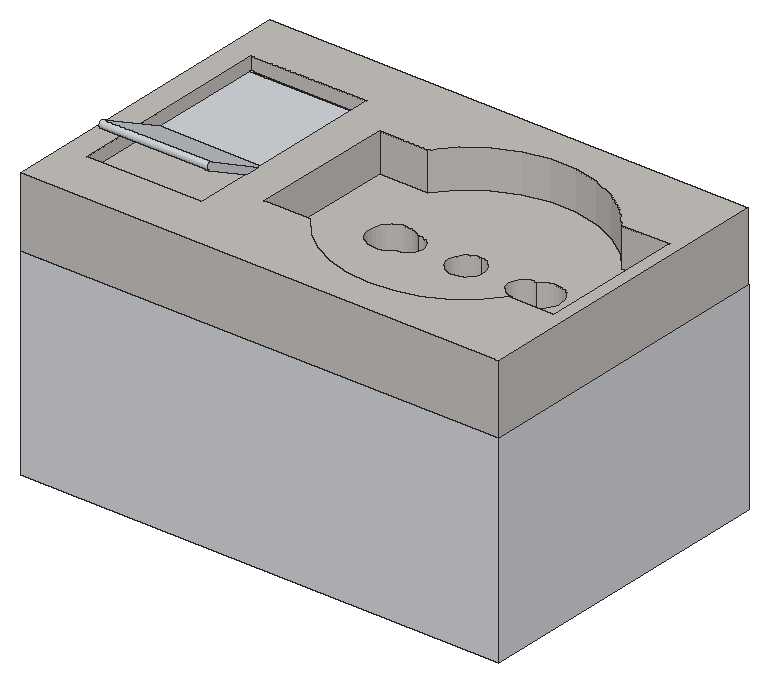
Revit family "Domotics-DomesticRanges-GEWISS-CHORUS_POWER-SOCKET-OUTLET_ITADEU_MCB", category Apparecchi elettrici, host Superficie, Revit 2016
Family settings
  Host = Superficie
  Mantenere orientamento annotazione = Sì
  Tipo di parte = Normale
  Quota connettore circolare = Usa diametro
  Taglio con vuoti quando caricato = Sì
  Condiviso = Sì
  Punto di calcolo locali = Sì
Parameters (values of type "GW14312 - INT SOC+MIN.CIR.BR. 3M 1P+N 16A P30/17 T")
  Wiring terminals = "With screw"
  Voltage: = "230V ac"
  Version file RFA = "19.0"
  VISIBILITA' SIMBOLO [instance] = yes
  VISIBILITA' BORDO [instance] = yes
  URL = "https://www.gewiss.com/ww/en"
  Type: = "Interlocked"
  Thermo-pressure with ball = "125 °C"
  Terminal tightening capacity rigid cables (mm2) = "min. 0,5 - max. 2x2,5"
  Terminal tightening capacity flexible cables (mm2) = "min. 0,75 - max. 2x4"
  Terminal grip on cable traction = "&gt; 50 N"
  Technical sheet = "https://www.gewiss.com/ww/en/search?q=GW14312"
  Standard; = "IEC 60884-1, EN 60898-1"
  Standard: = "English"
  Spostamento_x [instance] = 2476 mm
  Spostamento_effettivo x [instance] = 4000 mm - Spostamento_x  # 1524 mm
  Socket-out type = "P40"
  SEO = "Socket outlet"
  Resistance at test voltage = "2000 V at 50 Hz for 1 minute"
  Realized by GEWISS S.p.A. = ""
  Protection = "MCB"
  Default Elevation = 1219.2 mm
  Prolonged operation (no.of position changes) = "10.000 at In 250 V ac cosØ=0,8"
  Produttore = "GEWISS S.p.A."
  Ofset presa [instance] = 0 mm
  Ofset bidimensionale [instance] = 2 mm
  No. Chorus modules: = "3"
  Modello = "GW14312"
  Miniature circuit breakers = "1P+N 16A"
  Insulation resistance = "&gt; 5 MOhm"
  IDT = "c0f1ce1c-7510-4d6c-9ac7-cd1d51b28dbd"
  IDF = "8d85ce39-4435-492d-9950-3dd5c766db5d"
  Glow Wire Test = "850°C"
  Fronte presa = Titanio
  Electrocod = "0131                "
  EAN code = "8011564279261"
  Descrizione = "INT SOC+MIN.CIR.BR. 3M 1P+N 16A P30/17 T"
  Description: = "2P+E - 16A"
  Description. = "Dual amperage interlocked socket-outlet"
  Corpo presa = none
  Colour = "Titanium"
  Category = "Dual amperage interlocked socket-outlet"
  Catalogue Range = "CHORUS - DOMESTIC RANGE"
  Catalogue = "DOMOTICS"
  COBie.Tagnumber = ""
  COBie.CreatedOn = ""
  COBie.CreatebBy = ""
  COBie.ComponentRegisterItemID = ""
  COBie.Component.TagNumber = ""
  COBie.Component.Space = ""
  COBie.Component.SerialNumber = ""
  COBie.Component.InstallationDate = ""
  COBie.Component.Description = ""
  COBie.Component.BarCode = ""
  Breaking capacity: = "1.25 In (100 position changes)"
  Breaking capacity = "3KA"
Types (3, lengths in mm): name | Technical sheet | Standard; | Modello | IDT | Fronte presa | EAN code | Descrizione | Colour
  GW10312 - INT S.O. 3M 2P+E 16A P30/17-MCB 1P+N  W | "https://www.gewiss.com/ww/en/search?q=GW10312" | "IEC 60884-1; EN 60898-1" | "GW10312" | "6ecaaf36-0b0d-4b54-a890-9c885efce281" | Bianco | "8011564262454" | "INT S.O. 3M 2P+E 16A P30/17-MCB 1P+N  W" | "White"
  GW12312 - INT SOC+MIN.C.BR. 3M 1P+N 16A P30/17 B | "https://www.gewiss.com/ww/en/search?q=GW12312" | "IEC 60884-1; EN 60898-1" | "GW12312" | "2d7f8111-d215-4eed-a4a9-4e0b819370a2" | Nero | "8011564267336" | "INT SOC+MIN.C.BR. 3M 1P+N 16A P30/17 B" | "Black"
  GW14312 - INT SOC+MIN.CIR.BR. 3M 1P+N 16A P30/17 T | "https://www.gewiss.com/ww/en/search?q=GW14312" | "IEC 60884-1, EN 60898-1" | "GW14312" | "c0f1ce1c-7510-4d6c-9ac7-cd1d51b28dbd" | Titanio | "8011564279261" | "INT SOC+MIN.CIR.BR. 3M 1P+N 16A P30/17 T" | "Titanium"
Reference planes
  plane 1 "Centro (Fronte/Retro)": y = 0
  plane 2: z = 0
  plane 3 "Centro (Sinistra/Destra)": x = 0
  plane 4: x = -1524
  plane 5: x = 0
  plane 6: z = 0
  plane 7 "2d": z = 41
  plane 8: z = 39
Lines and regions (mm)
  Masking region 1, detail levels coarse
    outline origin (0, 0, 0) x (1, 0, 0) y (0, 0, 1)
      loop
        line (-34.5, 39) -> (-34.5, 0) -> (34.5, 0) -> (34.5, 39) -> (-34.5, 39)
  Masking region 2, detail levels coarse
    outline origin (0, 0, 0) x (0, 1, 0) y (0, 0, 1)
      loop
        line (-22.5, 39) -> (-22.5, 0) -> (22.5, 0) -> (22.5, 39) -> (-22.5, 39)
Dimensions and locks
  plane 4 to plane 3 "Centro (Sinistra/Destra)" = 1524 mm
  "Spostamento_effettivo x": plane 4 to plane 5
  "Ofset bidimensionale": plane 7 "2d" to plane 8
  "Ofset presa": plane 6 to plane 2
  locked: plane 8 to plane 6 at 39
  aligned and locked: plane 2 to host face
  aligned and locked: level to host face
  aligned and locked: plane 3 "Centro (Sinistra/Destra)" to nested 1
  aligned and locked: plane 1 "Centro (Fronte/Retro)" to nested 1
  aligned and locked: nested 1 to plane 6
  aligned and locked: plane 5 to nested 2
  aligned and locked: plane 8 to nested 1
  aligned and locked: plane 7 "2d" to nested 3
  aligned and locked: Masking region 1 sketch curve to nested 1  (x2)
  aligned and locked: Masking region 1 sketch curve to plane 6
  aligned and locked: Masking region 1 sketch curve to plane 8
Automatic sketch dimensions
  host sketch curve to host sketch curve = 2438.4 mm  (x2)
  plane 1 "Centro (Fronte/Retro)" to Masking region 2 sketch curve = 22.5 mm
  Masking region 2 sketch curve to plane 1 "Centro (Fronte/Retro)" = 22.5 mm
  Masking region 2 sketch curve to plane 8 = 0 mm
  Masking region 2 sketch curve to plane 6 = 0 mm
Nested families
  nested 1: "ITAGER_ChORUS PRESA ITA IB MAGNETOT" at (0, 0, 0), type "ITAGER_ChORUS PRESA ITA IB MAGNETOT", detail levels medium+fine
  nested 2: "16" at (0, 129.09, 0), type "16"
  nested 3: "ITAGER2D" at (-2.25, -22.5, 41), type "ITAGER2D", detail levels coarse
Definition of nested family "ITAGER_ChORUS PRESA ITA IB MAGNETOT"
  Parameters (values of type "ITAGER_ChORUS PRESA ITA IB MAGNETOT")
    corpo = none
    L = 69 mm
    H = 45 mm
    Fronte = none
  Reference planes
    plane 1 "Centro (Fronte/Retro)": y = 0
    plane 2: z = 0
    plane 3 "Centro (Sinistra/Destra)": x = 0
    plane 4: x = -34.5
    plane 5: y = -22.5
    plane 6: x = 34.5
    plane 7: y = 22.5
    plane 8: z = 29
    plane 9: z = 39
    plane 10: x = 25.486
    plane 11: x = -31.063
    plane 12: z = 33.442
    plane 13: y = 14.84
    plane 14: y = -14.84
    plane 15: y = -13.84
    plane 16: y = 13.84
    plane 17: x = -30.063
    plane 18: z = 36.97
    plane 19: y = -9.771
    plane 20: x = 13.621
    plane 21: y = -19.154
    plane 22: z = 40
  Forms (mm)
    Extrusion 1, solid, material <- "corpo"
      sketch origin (0, 0, 0) x (1, 0, 0) y (0, 0, 1)
        loop
          line (-34.5, 0) -> (34.5, 0) -> (34.5, 29) -> (-34.5, 29) -> (-34.5, 0)
      from -22.5 to 22.5
    Extrusion 2, solid, material <- "Fronte"
      sketch origin (0, 0, 0) x (1, 0, 0) y (0, 0, 1)
        loop
          line (-34.5, 29) -> (34.5, 29) -> (34.5, 39) -> (-34.5, 39) -> (-34.5, 29)
      from -22.5 to 22.5
    Extrusion 3, void
      sketch origin (11.74, -25.337, 0) x (-0.001383, 0.999999, 0) y (-0.999999, -0.001383, 0)
        loop
          arc (27.333, 8.345) -> (25.014, 13.558) -> (22.984, 8.226) r 3.086
          arc (22.984, 8.226) -> (25.223, 5.935) -> (27.333, 8.345) r 2.182
        loop
          circle (25.22, -0.216) r 2.568
        loop
          arc (22.96, -8.64) -> (24.976, -13.978) -> (27.309, -8.771) r 3.086
          arc (27.309, -8.771) -> (25.206, -6.355) -> (22.96, -8.64) r 2.182
      from 29 to 39
    Extrusion 4, void
      sketch origin (0, 0, 0) x (1, 0, 0) y (0, 1, 0)
        loop
          line (-31.063, -14.84) -> (-14.447, -14.84) -> (-14.447, 14.84) -> (-31.063, 14.84) -> (-31.063, -14.84)
      from 36.97 to 39
    Extrusion 5, solid
      sketch origin (0, 0, 0) x (0, 1, 0) y (0, 0, 1)
        loop
          line (-13.561, 42.472) -> (-3.044, 36.97) -> (13.277, 36.97)
          arc (13.277, 36.97) -> (13.777, 37.47) -> (13.277, 37.97) r 0.5
          line (13.277, 37.97) -> (-2.798, 37.97) -> (-13.097, 43.358)
          arc (-13.097, 43.358) -> (-13.772, 43.147) -> (-13.561, 42.472) r 0.5
      from -30.063 to -14.447
    Extrusion 6, void
      sketch origin (0, 0, 0) x (1, 0, 0) y (0, 1, 0)
        loop
          line (32.829, 10.401) -> (25.893, 10.401)
          arc (25.893, 10.401) -> (11.916, 17.423) -> (-2.061, 10.401) r 17.421
          line (-2.061, 10.401) -> (-8.998, 10.401) -> (-8.998, -10.396) -> (-2.48, -10.396)
          arc (-2.48, -10.396) -> (11.916, -17.755) -> (26.311, -10.396) r 17.758
          line (26.311, -10.396) -> (32.829, -10.396) -> (32.829, 10.401)
      from 33.442 to 39
  Cuts and joins
    Extrusion 3, Extrusion 4, Extrusion 6 cuts Extrusion 1
    Extrusion 3, Extrusion 4, Extrusion 6 cuts Extrusion 2
  Dimensions and locks
    equal spacing: plane 7, plane 1 "Centro (Fronte/Retro)", plane 5
    equal spacing: plane 4, plane 3 "Centro (Sinistra/Destra)", plane 6
    locked: plane 8 to plane 2 at 29
    locked: plane 9 to plane 8 at 10
    "L": plane 4 to plane 6
    "H": plane 7 to plane 5
    locked: plane 10 to plane 6 at 9.014
    locked: plane 4 to plane 11 at 3.437
    locked: plane 9 to plane 12 at 5.558
    equal spacing: plane 14, plane 1 "Centro (Fronte/Retro)", plane 13
    plane 14 to plane 13 = 29.68 mm
    locked: plane 16 to plane 13 at 1
    locked: plane 14 to plane 15 at 1
    locked: plane 11 to plane 17 at 1
    locked: plane 18 to plane 9 at 2.03
    locked: plane 21 to plane 5 at 3.346
    locked: plane 21 to plane 19 at 9.383
    locked: plane 22 to plane 9 at 1
    aligned and locked: level to plane 2
    aligned and locked: Extrusion 1 sketch curve to plane 4
    aligned and locked: Extrusion 1 sketch curve to plane 6
    aligned and locked: Extrusion 1 sketch curve to plane 8
    aligned and locked: Extrusion 1 sketch curve to plane 2
    aligned and locked: Extrusion 2 sketch curve to plane 8
    aligned and locked: Extrusion 2 sketch curve to plane 9
    aligned and locked: Extrusion 2 sketch curve to plane 4
    aligned and locked: Extrusion 2 sketch curve to plane 6
    aligned and locked: plane 7 to Extrusion 2
    aligned and locked: Extrusion 2 to plane 5
    aligned and locked: Extrusion 1 to plane 5
    aligned and locked: Extrusion 2 to plane 7
    aligned and locked: plane 7 to Extrusion 1
    aligned and locked: plane 9 to Extrusion 3
    aligned and locked: Extrusion 4 sketch curve to plane 11
    aligned and locked: Extrusion 4 sketch curve to plane 14
    aligned and locked: Extrusion 4 sketch curve to plane 13
    aligned and locked: plane 9 to Extrusion 4
    aligned and locked: plane 17 to Extrusion 5
    aligned and locked: plane 9 to Extrusion 6
    aligned and locked: Extrusion 3 to plane 8
  Automatic sketch dimensions
    Extrusion 4 sketch curve to plane 3 "Centro (Sinistra/Destra)" = 14.447 mm
    plane 18 to Extrusion 5 sketch curve = 0 mm
    Extrusion 5 sketch curve to plane 15 = 0.279 mm
    Extrusion 5 sketch curve to Extrusion 5 sketch curve = 0.232 mm  (x2)
    plane 1 "Centro (Fronte/Retro)" to Extrusion 5 sketch curve = 3.044 mm
    Extrusion 5 sketch curve to Extrusion 5 sketch curve = 0.246 mm
    plane 16 to Extrusion 5 sketch curve = 0.563 mm
    Extrusion 5 sketch curve to Extrusion 5 sketch curve = 0.5 mm
    plane 22 to Extrusion 5 sketch curve = 2.472 mm
    Extrusion 5 sketch curve to Extrusion 5 sketch curve = 0.443 mm
    Extrusion 6 sketch curve to plane 3 "Centro (Sinistra/Destra)" = 2.061 mm
    Extrusion 6 sketch curve to Extrusion 6 sketch curve = 6.937 mm
    Extrusion 6 sketch curve to plane 19 = 0.625 mm  (x2)
    plane 6 to Extrusion 6 sketch curve = 1.671 mm
    plane 10 to Extrusion 6 sketch curve = 0.406 mm
    Extrusion 6 sketch curve to Extrusion 6 sketch curve = 0 mm  (x2)
    plane 16 to Extrusion 6 sketch curve = 3.439 mm
Definition of nested family "16"
  Parameters (values of type "16")
    simbolo = yes
    Bordo = yes
  Reference planes
    plane 1: y = 0
    plane 2: x = 0
  Lines and regions (mm)
    detail lines, visible <- "Bordo"
      curve 1: line (1.146, 2.031, 0) -> (-1.146, 2.031, 0)
      curve 2: line (-1.146, 2.031, 0) -> (-1.146, 5.156, 0)
      curve 3: line (-1.146, 5.156, 0) -> (1.146, 5.156, 0)
      curve 4: line (1.146, 5.156, 0) -> (1.146, 2.031, 0)
    detail lines, visible <- "simbolo"
      curve 5: line (0.938, 3.594, 0) -> (-0.937, 3.594, 0)
      curve 6: line (0, 3.594, 0) -> (0, 2.656, 0)
      curve 7: line (0, 3.594, 0) -> (-0.402, 2.656, 0)
      curve 8: line (-0.402, 2.656, 0) -> (-0.716, 2.791, 0)
      curve 9: line (0, 3.217, 0) -> (-0.118, 3.099, 0)
      curve 10: line (0, 3.287, 0) -> (-0.188, 3.099, 0)
      curve 11: line (0, 3.356, 0) -> (-0.178, 3.178, 0)
      curve 12: line (0, 3.426, 0) -> (-0.126, 3.3, 0)
      curve 13: line (0, 3.099, 0) -> (-0.212, 3.099, 0)
      curve 14: line (-0.251, 3.009, 0) -> (-0.565, 3.144, 0)
      curve 15: arc (-0.937, 4.531, 0) -> (-0.663, 3.868, 0) -> (0, 3.594, 0) r 0.937
      curve 16: arc (0.937, 4.531, 0) -> (0.663, 3.868, 0) -> (0, 3.594, 0) r 0.937
  Text (mm)
    text "10/16" at (-0.689, 4.576, 0), visible <- "simbolo"
  Dimensions and locks
    curve 1 to plane 1 = 2.031 mm
Definition of nested family "ITAGER2D"
  Reference planes
    plane 1 "Centro (Fronte/Retro)": y = 0
    plane 2: z = 0
    plane 3 "Centro (Sinistra/Destra)": x = 0
  Lines and regions (mm)
    model lines
      curve 1: circle (-24.136, 3.661, 0) r 2.191 normal (0, 0, 1)
      curve 2: arc (5.216, 24.484, 0) -> (0.007, 22.158, 0) -> (5.342, 20.135, 0) r 3.086
      curve 3: arc (5.342, 20.135, 0) -> (7.629, 22.377, 0) -> (5.216, 24.484, 0) r 2.182
      curve 4: circle (13.78, 22.383, 0) r 2.568 normal (0, 0, 1)
      curve 5: arc (22.207, 20.135, 0) -> (27.542, 22.158, 0) -> (22.333, 24.484, 0) r 3.086
      curve 6: arc (22.333, 24.484, 0) -> (19.919, 22.377, 0) -> (22.207, 20.135, 0) r 2.182
      curve 7: arc (27.751, 32.901, 0) -> (13.774, 39.923, 0) -> (-0.202, 32.901, 0) r 17.421
      curve 8: arc (-0.621, 12.104, 0) -> (13.774, 4.745, 0) -> (28.17, 12.104, 0) r 17.758
      curve 9: line (-21.575, 40.858, 0) -> (-21.575, 37.034, 0)
      curve 10: line (-21.575, 11.126, 0) -> (-16.222, 11.126, 0)
      curve 11: line (-16.222, 11.126, 0) -> (-14.596, 11.509, 0)
      curve 12: line (-14.596, 11.509, 0) -> (-13.64, 12.273, 0)
      curve 13: line (-13.64, 12.273, 0) -> (-13.162, 13.229, 0)
      curve 14: line (-13.162, 13.229, 0) -> (-12.589, 22.503, 0)
      curve 15: line (-12.589, 22.503, 0) -> (-12.589, 9.597, 0)
      curve 16: line (-12.589, 9.597, 0) -> (-21.575, 9.597, 0)
      curve 17: line (-21.575, 9.597, 0) -> (-30.562, 9.597, 0)
      curve 18: line (-30.562, 9.597, 0) -> (-30.562, 22.503, 0)
      curve 19: line (-30.562, 22.503, 0) -> (-12.589, 22.503, 0)
      curve 20: line (-12.589, 22.503, 0) -> (-12.589, 35.409, 0)
      curve 21: line (-12.589, 35.409, 0) -> (-21.575, 35.409, 0)
      curve 22: line (-21.575, 35.409, 0) -> (-30.562, 35.409, 0)
      curve 23: line (-30.562, 35.409, 0) -> (-30.562, 22.503, 0)
      curve 24: line (-30.562, 22.503, 0) -> (-29.988, 13.229, 0)
      curve 25: line (-29.988, 13.229, 0) -> (-29.51, 12.273, 0)
      curve 26: line (-29.51, 12.273, 0) -> (-28.554, 11.509, 0)
      curve 27: line (-28.554, 11.509, 0) -> (-26.929, 11.126, 0)
      curve 28: line (-26.929, 11.126, 0) -> (-21.575, 11.126, 0)
      curve 29: line (11.845, 39.816, 0) -> (11.845, 38.062, 0)
      curve 30: line (11.845, 38.062, 0) -> (11.845, 39.816, 0)
      curve 31: line (15.704, 39.816, 0) -> (15.704, 38.062, 0)
      curve 32: line (15.704, 38.062, 0) -> (11.845, 38.062, 0)
      curve 33: line (11.845, 4.85, 0) -> (11.845, 6.604, 0)
      curve 34: line (11.845, 6.604, 0) -> (11.845, 4.85, 0)
      curve 35: line (15.704, 4.85, 0) -> (15.704, 6.604, 0)
      curve 36: line (15.704, 6.604, 0) -> (11.845, 6.604, 0)
      curve 37: line (-0.621, 12.104, 0) -> (-7.139, 12.104, 0)
      curve 38: line (-7.139, 12.104, 0) -> (-7.139, 32.901, 0)
      curve 39: line (-7.139, 32.901, 0) -> (-5.139, 32.901, 0)
      curve 40: line (-5.739, 32.901, 0) -> (-0.202, 32.901, 0)
      curve 41: line (36.359, 0, 0) -> (-32.641, 0, 0)
      curve 42: line (-32.641, 0, 0) -> (-32.641, 45, 0)
      curve 43: line (-32.641, 45, 0) -> (36.359, 45, 0)
      curve 44: line (36.359, 45, 0) -> (36.359, 0, 0)
      curve 45: line (28.17, 12.104, 0) -> (34.688, 12.104, 0)
      curve 46: line (34.688, 12.104, 0) -> (34.688, 32.901, 0)
      curve 47: line (34.688, 32.901, 0) -> (32.688, 32.901, 0)
      curve 48: line (33.288, 32.901, 0) -> (27.751, 32.901, 0)
  Dimensions and locks
    aligned and locked: level to plane 2
